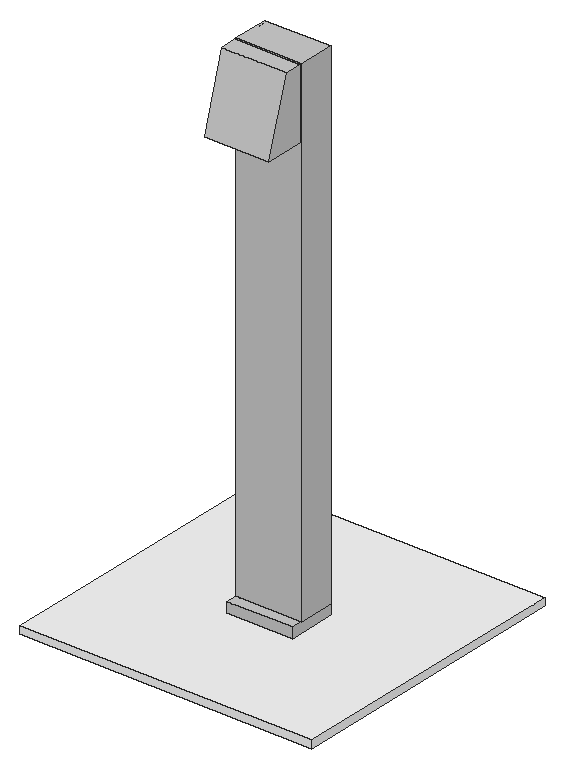
Revit family "BE_77238_de_DE", category Leuchten, Revit 2015
Parameters (values of type "BEGA_77238_Silber_K3")
  built-in parameter 1150104 = 12.387 (stored number, unit not read)
  Wattage = 2.1 W
  Default Elevation = 0 mm
  built-in parameter 1150113 = 1 (stored number, unit not read)
  built-in parameter 1114218 = 1 (stored number, unit not read)
  Umgebungstemperatur = ""
  URL = "http://www.bega.de/produkt/77238"
  Typenkommentare = "© 2016 BEGA. Wir behalten uns das Recht vor, technische Änderungen ohne vorherige Ankündigung vorzunehmen."  # constant formula
  Type Image = 77238.png
  built-in parameter 1150134 = (empty or 0)
  built-in parameter 1150109 = 1 (stored number, unit not read)
  Strom = ""
  built-in parameter 1150110 = 1 (stored number, unit not read)
  Spannung = 239.996 V
  Sonderanfertigung = no
  Seriennummer [instance] = "Hier können Sie die eindeutige Seriennummer für das Facility Management eintragen."
  Schutzklasse = "I"
  Schutzart = "IP 64"
  Scheinlast = 0 VA
  Produktdatenblatt = "http://www.bega.de/download/Xrfa/db/77238.db.de.pdf"
  Oberflächentemperatur = ""
  Neigungswinkel = 0.00°
  Modell = "77238A"
  Material_10 = BEGA_Glas_matt
  Material_08 = BEGA_Oberfläche_Stahl_verzinkt
  Material_06 = BEGA_Oberfläche_Edelstahl_gebürstet
  Material_03 = BEGA_Oberfläche_Weiss_matt
  Material_02 = BEGA_Oberfläche_Silber_matt
  Material_01 [instance] = BEGA_Oberfläche_Grafit_matt
  M_G = no
  M_A = yes
  Logo = 0
  built-in parameter 1114217 = 1 (stored number, unit not read)
  built-in parameter 1150139 = (empty or 0)
  built-in parameter 1150105 = 22.281 (stored number, unit not read)
  built-in parameter 1150114 = 1 (stored number, unit not read)
  Lumens = 279.993 lm
  built-in parameter 1150115 = 1 (stored number, unit not read)
  Leuchtenlichtstrom = "136 lm"
  Leuchtenanzahl = ""
  Lebensdauerkriterien = "L70 = 50.000 h"
  Lastklassifizierung = Beleuchtung
  built-in parameter 1150112 = 1 (stored number, unit not read)
  Lampenlichtstrom = "280 lm"
  Lampe = "LED 2.1 W"
  LED_Modulbezeichnung = "LED-0234/830"
  built-in parameter 1150142 = (empty or 0)
  Hersteller = "BEGA"  # constant formula
  Halbstreuwinkel = ""
  Gewicht = "2.3 kg"
  Gebrauchslageneinschränkung [instance] = ""
  Frequenz = "0/50-60 Hz"
  Farbwiedergabeindex = "Ra > 80"
  Farbtemperaturverschiebung bei Dämpfen der Lampe = <Keine Auswahl>
  Farbtemperatur = "3000 K"
  Color Filter = 16777215
  built-in parameter 1150133 = 10 (stored number, unit not read)
  Energieeffizienzklasse = "LED A++ - A"
  built-in parameter 1150137 = (empty or 0)
  built-in parameter 1150132 = (empty or 0)
  ENEC = "ja"
  Datei für fotometrisches Netz = "BE_77238.IES"
  CE_Konformität = "ja"
  Bestellnummer = "77238A"
  Beschreibung_Sonderanfertigung = "Hier können Sie Informationen zur Sonderanfertigung eintragen."
  Beschreibung = "Garten- und Wegeleuchte"
  built-in parameter 1150106 = 0.22281 (stored number, unit not read)
  Befestigungsbohrung = "Ø 5,5 mm"
  Befestigungsabstand = ""
  Ballwurfsicher = ""
  BEGA_Intern_aus = yes
  BEGA_Intern_an = yes
  BEGA_Intern_Konstruktion = yes
  BEGA_Intern = yes
  BEGA_IES = yes
  BEGA_Dummy = no
  Anschlussleitung = ""
  Anschlussleistung [instance] = "3.4 W"
  built-in parameter 1150107 = 3000 (stored number, unit not read)
  built-in parameter 1150102 = (empty or 0)
  built-in parameter 1150138 = (empty or 0)
  Aktualisierung = "2016-06-21T04:10:22"
  Abstand_zur_angestrahlten_Fläche [instance] = ""
  AC/DC = "AC/DC"
Types (2, lengths in mm): name | Modell | M_G | M_A | Bestellnummer
  BEGA_77238_Silber_K3 | "77238A" | no | yes | "77238A"
  BEGA_77238_Grafit_K3 | "77238" | yes | no | "77238"
Reference planes
  plane 1 "Mitte (Vorne/Hinten)": y = 0
  plane 2: z = 0
  plane 3 "Mitte (Links/Rechts)": x = 0
  plane 4 "Links": x = -45.237
  plane 5 "Rechts": x = 45.237
  plane 6 "Unten": y = -78.426
  plane 7 "Oben": y = 26.737
  plane 8 "Vorne": z = 700.372
Forms (mm)
  Extrusion 1, solid, material "BEGA_Platte_Weiss"
    sketch origin (0, -1119.2, 0) x (1, 0, 0) y (0, 1, 0)
      loop
        line (-200, 1319.2) -> (-200, 919.2) -> (200, 919.2) -> (200, 1319.2) -> (-200, 1319.2)
    from 0 to -10
  Extrusion 2, solid, material "BEGA_Dummy_matt", visible <- "BEGA_Dummy"
    sketch origin (80.095, -76.023, 0) x (1, 0, 0) y (0, 1, 0)
      loop
        line (-125.332, 102.76) -> (-125.332, -2.403) -> (-34.858, -2.403) -> (-34.858, 102.76) -> (-125.332, 102.76)
    from 0 to 700.372
Dimensions and locks
  plane 1 "Mitte (Vorne/Hinten)" to Extrusion 1 = 200 mm
  aligned and locked: plane 2 to Extrusion 1
  aligned and locked: level to Extrusion 1
Nested families
  nested 1: "BE_77238" at (0, 0, 0), type "BE_77238"
    with M_A yes
Connectors
  electrical at (0, 0, 0), driven by "Lastklassifizierung", driven by "Spannung", driven by "Scheinlast"
    settings: index 1, voltage 239.996 V, apparent load 0 VA, apparent load phase1 0 VA, apparent load phase2 0 VA, apparent load phase3 0 VA, power factor 1, load classification "Beleuchtung", number of poles 1, system type 31, power factor state 1, is connector primary yes, connector utility no, sub classification motor no, connector description ""
Definition of nested family "BE_77238"
  Parameters (values of type "BE_77238")
    Default Elevation = 1 mm
    URL = "http://www.bega.de/de/produkt"
    Type Comments = "© 2015 BEGA. Wir behalten uns das Recht vor, technische Änderungen ohne vorherige Ankündigung vorzunehmen. "  # constant formula
    Type Image = (empty or 0)
    Material_17 = none
    Material_15 = none
    Material_11 = none
    Material_10 = none
    Material_09 = none
    Material_08 = none
    Material_06 = none
    Material_03 = none
    Material_02 = none
    Material_01 = none
    M_W = yes
    M_G = no
    M_A = no
    Länge_Platte = 200 mm  # constant formula
    Höhe_Platte = -10 mm  # constant formula
    Manufacturer = "BEGA"  # constant formula
    Breite_Platte = 200 mm  # constant formula
  Reference planes
    plane 1 "Mitte (Oben/Unten)": y = 0
    plane 2: z = 0
    plane 3 "Mitte (Links/Rechts)": x = 0
    plane 4 "Links": x = -45.237
    plane 5 "Oben": y = 26.737
    plane 6 "Unten": y = -78.426
    plane 7: z = 700.372
    plane 8: x = 45.237
  Forms (mm)
    Extrusion 1, solid, detail levels medium
      sketch origin (0, 0, 0) x (1, 0, 0) y (0, 1, 0)
        loop
          line (-100, 100) -> (-100, -100) -> (100, -100) -> (100, 100) -> (-100, 100)
      from 0 to -10 <- "Höhe_Platte"
    Sweep 2, solid, material <- "Material_01", visible <- "M_G", detail levels medium+fine
      path origin (0, 1.503, 0) x (1, 0, 0) y (0, 1, 0)
        loop
          line (-45.003, 25) -> (-45.003, -25) -> (45, -25) -> (45, 25) -> (-45.003, 25)
      profile origin (-45.003, 1.503, 0) x (1, 0, 0) y (0, 0, 1)
        loop
          line (0.003, 13.572) -> (2.103, 13.572) -> (2.103, 698.572) -> (0.003, 698.572) -> (0.003, 13.572)
    Extrusion 3, solid, material <- "Material_01", visible <- "M_G", detail levels medium+fine
      sketch origin (0, 0, 0) x (1, 0, 0) y (0, 0, 1)
        loop
          line (-45, 700.372) -> (-45, 698.572) -> (45, 698.572) -> (45, 700.372) -> (-45, 700.372)
      from -26.5 to 23.493
    Sweep 4, solid, material <- "Material_01", visible <- "M_G", detail levels medium+fine
      path origin (0, 0, 0) x (1, 0, 0) y (0, 0, 1)
        loop
          line (44.997, 700.372) -> (-45, 700.372) -> (-45, 603.872) -> (44.997, 603.872) -> (44.997, 700.372)
      profile origin (-0.002, 0, 700.372) x (0, 0, -1) y (0, -1, 0)
        loop
          line (1.178, 23.493) -> (3.44, 23.493) -> (3.44, 25.5) -> (1.178, 25.5) -> (1.178, 23.493)
    Extrusion 5, solid, material <- "Material_01", visible <- "M_G", detail levels medium+fine
      sketch origin (0, 0, 0) x (0, 1, 0) y (0, 0, 1)
        loop
          line (-25.5, 700.372) -> (-48.124, 699.977) -> (-78.426, 603.872) -> (-25.5, 603.872) -> (-25.5, 700.372)
      from -45 to -42
    Extrusion 6, solid, material <- "Material_01", visible <- "M_G", detail levels medium+fine
      sketch origin (0, 0, 0) x (0, 1, 0) y (0, 0, -1)
        loop
          line (-25.5, -700.372) -> (-25.5, -603.872) -> (-78.426, -603.872) -> (-48.124, -699.977) -> (-25.5, -700.372)
      from -45 to -42
    Extrusion 7, solid, material <- "Material_01", visible <- "M_G", detail levels medium+fine
      sketch origin (0, 0, 0) x (0, 1, 0) y (0, 0, 1)
        loop
          line (-25.5, 700.372) -> (-48.124, 699.977) -> (-78.426, 603.872) -> (-25.5, 603.872) -> (-25.5, 611.978) -> (-72.725, 611.978) -> (-46.026, 696.655) -> (-25.5, 697.372) -> (-25.5, 700.372)
      from -42 to 42
    Revolve 8, solid, material <- "Material_08", detail levels medium+fine
      sketch origin (0, 0, 0) x (0, 1, 0) y (0, 0, 1)
        loop
          line (-19.1, 120) -> (-21.1, 120) -> (-21.1, 3.828) -> (-22.928, 2) -> (-35, 2) -> (-35, 0) -> (-19.1, 0) -> (-19.1, 120)
        axis (0, 120) -> (0, 0)
      angle from 0 to 360
    Extrusion 9, void
      sketch origin (0, 0, 0) x (1, 0, 0) y (0, 1, 0)
        loop
          arc (-4.279, 24.123) -> (0, 24.5) -> (4.279, 24.123) r 24.5
          line (4.279, 24.123) -> (48.539, 16.319) -> (48.539, 36.859) -> (-48.539, 36.859) -> (-48.539, 16.319) -> (-4.279, 24.123)
      from 2 to 0
    Sweep 10, solid, material <- "Material_01", visible <- "M_G", detail levels medium+fine
      path origin (0, 0, 0) x (1, 0, 0) y (0, 1, 0)
        loop
          line (-45, 26.5) -> (-45, -38.5) -> (44.997, -38.5) -> (44.997, 26.5) -> (-45, 26.5)
      profile origin (-45, -6, 0) x (1, 0, 0) y (0, 0, 1)
        loop
          line (0, 13.572) -> (-0.237, 0) -> (1.998, 0) -> (2.377, 10.872) -> (5.175, 10.872) -> (5.27, 13.572) -> (0, 13.572)
    Extrusion 11, solid, material <- "Material_01", visible <- "M_G", detail levels medium+fine
      sketch origin (0, 0, 0) x (0, 1, 0) y (0, 0, 1)
        loop
          line (-33.666, 13.572) -> (-33.666, 10.872) -> (-22.5, 10.872) -> (-22.5, 13.572) -> (-33.666, 13.572)
      from 41.556 to -41.56
    Revolve 12, solid, material <- "Material_06", detail levels fine
      sketch origin (-29.5, 0, 0) x (0, 1, 0) y (0, 0, 1)
        loop
          line (-30.091, 603.372) -> (-30.091, 604.5) -> (-33.291, 604.5) -> (-33.291, 602.572) -> (-31.291, 602.572) -> (-31.291, 603.372) -> (-30.091, 603.372)
        axis (-33.291, 604.5) -> (-33.291, 602.572)
      angle from 0 to 360
    Revolve 13, solid, material <- "Material_06", detail levels fine
      sketch origin (29.5, 0, 0) x (0, 1, 0) y (0, 0, -1)
        loop
          line (-30.091, -603.372) -> (-31.291, -603.372) -> (-31.291, -602.572) -> (-33.291, -602.572) -> (-33.291, -604.5) -> (-30.091, -604.5) -> (-30.091, -603.372)
        axis (-33.291, -604.5) -> (-33.291, -602.572)
      angle from 0 to 360
    Revolve 14, solid, material <- "Material_06", detail levels fine
      sketch origin (0, 0, 0) x (0, 1, 0) y (0, 0, 1)
        loop
          line (26.651, 101.572) -> (24.68, 101.572) -> (24.68, 98.572) -> (26.651, 98.572) -> (26.651, 101.572)
        axis (26.651, 98.572) -> (24.68, 98.572)
      angle from 0 to 360
    Revolve 15, solid, material <- "Material_06", detail levels fine
      sketch origin (0, 0, -50) x (0, 1, 0) y (0, 0, 1)
        loop
          line (26.651, 101.572) -> (24.68, 101.572) -> (24.68, 98.572) -> (26.651, 98.572) -> (26.651, 101.572)
        axis (26.651, 98.572) -> (24.68, 98.572)
      angle from 0 to 360
    Blend 16, void
      base sketch origin (0, 0, 0) x (1, 0, 0) y (0, 1, 0)
        loop
          line (-37.833, -75.164) -> (37.833, -75.164) -> (37.833, -39.425) -> (-37.833, -39.425) -> (-37.833, -75.164)
      top sketch origin (0, 0, 0) x (1, 0, 0) y (0, 1, 0)
        loop
          line (-36.242, -40.664) -> (-36.242, -74.225) -> (36.242, -74.225) -> (36.242, -40.664) -> (-36.242, -40.664)
      from 603.372 to 612.252
    Extrusion 17, solid, material <- "Material_10", detail levels medium+fine
      sketch origin (0, 0, 0) x (0, 1, 0) y (0, 0, 1)
        loop
          line (-40.4, 604.372) -> (-40.4, 608.372) -> (-74.2, 608.372) -> (-74.2, 604.372) -> (-40.4, 604.372)
      from 36.764 to -36.798
    Sweep 18, solid, material <- "Material_02", visible <- "M_A", detail levels medium+fine
      path origin (0, 0, 0) x (1, 0, 0) y (0, 1, 0)
        loop
          line (-45, 26.5) -> (-45, -38.5) -> (44.997, -38.5) -> (44.997, 26.5) -> (-45, 26.5)
      profile origin (-45, -6, 0) x (1, 0, 0) y (0, 0, 1)
        loop
          line (0, 13.572) -> (-0.237, 0) -> (1.998, 0) -> (2.377, 10.872) -> (5.175, 10.872) -> (5.27, 13.572) -> (0, 13.572)
    Extrusion 19, solid, material <- "Material_02", visible <- "M_A", detail levels medium+fine
      sketch origin (0, 0, 0) x (0, 1, 0) y (0, 0, 1)
        loop
          line (-33.666, 13.572) -> (-33.666, 10.872) -> (-22.5, 10.872) -> (-22.5, 13.572) -> (-33.666, 13.572)
      from 41.556 to -41.56
    Sweep 20, solid, material <- "Material_02", visible <- "M_A", detail levels medium+fine
      path origin (0, 1.503, 0) x (1, 0, 0) y (0, 1, 0)
        loop
          line (-45.003, 25) -> (-45.003, -25) -> (45, -25) -> (45, 25) -> (-45.003, 25)
      profile origin (-45.003, 1.503, 0) x (1, 0, 0) y (0, 0, 1)
        loop
          line (0.003, 13.572) -> (2.103, 13.572) -> (2.103, 698.572) -> (0.003, 698.572) -> (0.003, 13.572)
    Extrusion 21, solid, material <- "Material_02", visible <- "M_A", detail levels medium+fine
      sketch origin (0, 0, 0) x (1, 0, 0) y (0, 0, 1)
        loop
          line (-45, 700.372) -> (-45, 698.572) -> (45, 698.572) -> (45, 700.372) -> (-45, 700.372)
      from -26.5 to 23.493
    Sweep 22, solid, material <- "Material_02", visible <- "M_A", detail levels medium+fine
      path origin (0, 0, 0) x (1, 0, 0) y (0, 0, 1)
        loop
          line (44.997, 700.372) -> (-45, 700.372) -> (-45, 603.872) -> (44.997, 603.872) -> (44.997, 700.372)
      profile origin (-0.002, 0, 700.372) x (0, 0, -1) y (0, -1, 0)
        loop
          line (1.178, 23.493) -> (3.44, 23.493) -> (3.44, 25.5) -> (1.178, 25.5) -> (1.178, 23.493)
    Extrusion 23, solid, material <- "Material_02", visible <- "M_A", detail levels medium+fine
      sketch origin (0, 0, 0) x (0, 1, 0) y (0, 0, 1)
        loop
          line (-25.5, 700.372) -> (-48.124, 699.977) -> (-78.426, 603.872) -> (-25.5, 603.872) -> (-25.5, 700.372)
      from -45 to -42
    Extrusion 24, solid, material <- "Material_02", visible <- "M_A", detail levels medium+fine
      sketch origin (0, 0, 0) x (0, 1, 0) y (0, 0, -1)
        loop
          line (-25.5, -700.372) -> (-25.5, -603.872) -> (-78.426, -603.872) -> (-48.124, -699.977) -> (-25.5, -700.372)
      from -45 to -42
    Extrusion 25, solid, material <- "Material_02", visible <- "M_A", detail levels medium+fine
      sketch origin (0, 0, 0) x (0, 1, 0) y (0, 0, 1)
        loop
          line (-25.5, 700.372) -> (-48.124, 699.977) -> (-78.426, 603.872) -> (-25.5, 603.872) -> (-25.5, 611.978) -> (-72.725, 611.978) -> (-46.026, 696.655) -> (-25.5, 697.372) -> (-25.5, 700.372)
      from -42 to 42
    Extrusion 26, void
      sketch origin (0, 0, 0) x (1, 0, 0) y (0, 1, 0)
        loop
          circle (-25.981, 15) r 2.75
        loop
          circle (25.981, 15) r 2.75
        loop
          circle (0, -30) r 2.75
      from 0 to 2.443
    Extrusion 27, void
      sketch origin (0, 0, 0) x (1, 0, 0) y (0, 1, 0)
        loop
          line (-45, -25.5) -> (-45, -79.522) -> (-44.083, -79.522) -> (-45, -25.5)
      from 703.372 to 598.784
    Extrusion 28, void
      sketch origin (0, 0, 0) x (-1, 0, 0) y (0, -1, 0)
        loop
          line (-45, 25.5) -> (-44.083, 79.522) -> (-45, 79.522) -> (-45, 25.5)
      from 703.372 to 598.784
  Cuts and joins
    joined: Sweep 2, Extrusion 3
    Extrusion 28 cuts Sweep 4
    Extrusion 27, Extrusion 28 cuts Extrusion 5
    Extrusion 28 cuts Extrusion 6
    Blend 16, Extrusion 28 cuts Extrusion 7
    joined: Sweep 4, Extrusion 5, Extrusion 6, Extrusion 7
    Extrusion 9, Extrusion 26 cuts Revolve 8
    Extrusion 27 cuts Sweep 10
    Extrusion 27 cuts Extrusion 11
    joined: Sweep 10, Extrusion 11
    Extrusion 27 cuts Sweep 18
    Extrusion 27 cuts Extrusion 19
    joined: Sweep 18, Extrusion 19
    joined: Sweep 20, Extrusion 21
    Extrusion 28 cuts Sweep 22
    Extrusion 27, Extrusion 28 cuts Extrusion 23
    Extrusion 28 cuts Extrusion 24
    Blend 16, Extrusion 28 cuts Extrusion 25
    joined: Sweep 22, Extrusion 23, Extrusion 24, Extrusion 25
  Dimensions and locks
    equal spacing: Extrusion 1 sketch curve, plane 3 "Mitte (Links/Rechts)", Extrusion 1 sketch curve
    equal spacing: Extrusion 1 sketch curve, plane 1 "Mitte (Oben/Unten)", Extrusion 1 sketch curve
    "Länge_Platte": Extrusion 1 sketch curve to Extrusion 1 sketch curve
    "Breite_Platte": Extrusion 1 sketch curve to Extrusion 1 sketch curve
    aligned and locked: Extrusion 1 to plane 2
    aligned and locked: level to Extrusion 1
  Automatic sketch dimensions
    plane 4 "Links" to Sweep 2 sketch curve = 0.234 mm
    plane 8 to Sweep 2 sketch curve = 0.237 mm
    plane 1 "Mitte (Oben/Unten)" to Sweep 2 sketch curve = 23.497 mm
    Sweep 2 sketch curve to plane 5 "Oben" = 0.234 mm
    Sweep 2 sketch curve to profile plane = 0.003 mm
    Sweep 2 sketch curve to Sweep 2 sketch curve = 2.1 mm
    level to Sweep 2 sketch curve = 13.572 mm
    Sweep 2 sketch curve to Sweep 2 sketch curve = 685 mm
    Extrusion 3 sketch curve to plane 7 = 0 mm
    plane 4 "Links" to Extrusion 3 sketch curve = 0.237 mm
    plane 8 to Extrusion 3 sketch curve = 0.237 mm
    plane 7 to Extrusion 3 sketch curve = 1.8 mm
    Sweep 4 sketch curve to plane 7 = 0 mm
    plane 4 "Links" to Sweep 4 sketch curve = 0.237 mm
    plane 8 to Sweep 4 sketch curve = 0.24 mm
    plane 7 to Sweep 4 sketch curve = 96.5 mm
    Sweep 4 sketch curve to profile plane = 1.178 mm
    Sweep 4 sketch curve to Sweep 4 sketch curve = 2.262 mm
    plane 1 "Mitte (Oben/Unten)" to Sweep 4 sketch curve = 23.493 mm
    Sweep 4 sketch curve to Sweep 4 sketch curve = 2.007 mm
    Extrusion 5 sketch curve to plane 6 "Unten" = 0 mm
    plane 7 to Extrusion 5 sketch curve = 0 mm
    plane 7 to Extrusion 5 sketch curve = 0.395 mm
    plane 6 "Unten" to Extrusion 5 sketch curve = 30.302 mm
    Extrusion 5 sketch curve to Extrusion 5 sketch curve = 22.624 mm
    plane 7 to Extrusion 5 sketch curve = 96.5 mm
    Extrusion 6 sketch curve to plane 6 "Unten" = 0 mm
    plane 7 to Extrusion 6 sketch curve = 0 mm
    plane 7 to Extrusion 6 sketch curve = 0.395 mm
    plane 6 "Unten" to Extrusion 6 sketch curve = 30.302 mm
    Extrusion 6 sketch curve to Extrusion 6 sketch curve = 22.624 mm
    plane 7 to Extrusion 6 sketch curve = 96.5 mm
    Extrusion 7 sketch curve to plane 6 "Unten" = 0 mm
    plane 7 to Extrusion 7 sketch curve = 0 mm
    plane 6 "Unten" to Extrusion 7 sketch curve = 5.701 mm
    plane 7 to Extrusion 7 sketch curve = 0.395 mm
    plane 6 "Unten" to Extrusion 7 sketch curve = 30.302 mm
    plane 7 to Extrusion 7 sketch curve = 3.717 mm
    Extrusion 7 sketch curve to Extrusion 7 sketch curve = 2.098 mm
    Extrusion 7 sketch curve to Extrusion 7 sketch curve = 20.526 mm
    plane 1 "Mitte (Oben/Unten)" to Extrusion 7 sketch curve = 25.5 mm
    Extrusion 7 sketch curve to Extrusion 7 sketch curve = 84.677 mm
    Extrusion 7 sketch curve to Extrusion 7 sketch curve = 8.106 mm
    plane 7 to Extrusion 7 sketch curve = 3 mm
    Revolve 8 sketch curve to level = 0 mm
    Revolve 8 sketch curve to plane 1 "Mitte (Oben/Unten)" = 0 mm
    plane 1 "Mitte (Oben/Unten)" to Revolve 8 sketch curve = 19.1 mm
    Revolve 8 sketch curve to Revolve 8 sketch curve = 2 mm
    Revolve 8 sketch curve to Revolve 8 sketch curve = 1.828 mm  (x2)
    level to Revolve 8 sketch curve = 2 mm
    Revolve 8 sketch curve to Revolve 8 sketch curve = 12.072 mm
    Revolve 8 sketch curve to Revolve 8 sketch curve = 116.172 mm
    Revolve 8 sketch curve to Revolve 8 sketch curve = 52.68 mm
    Revolve 8 sketch curve to Revolve 8 sketch curve = 17.68 mm
    plane 1 "Mitte (Oben/Unten)" to Extrusion 9 sketch curve = 0 mm
    Extrusion 9 sketch curve to plane 3 "Mitte (Links/Rechts)" = 0 mm
    Extrusion 9 sketch curve to plane 3 "Mitte (Links/Rechts)" = 4.279 mm
    Extrusion 9 sketch curve to plane 4 "Links" = 3.302 mm
    plane 3 "Mitte (Links/Rechts)" to Extrusion 9 sketch curve = 4.279 mm
    Extrusion 9 sketch curve to plane 8 = 3.302 mm
    Extrusion 9 sketch curve to plane 5 "Oben" = 10.418 mm  (x2)
    Extrusion 9 sketch curve to plane 5 "Oben" = 2.614 mm
    plane 5 "Oben" to Extrusion 9 sketch curve = 10.122 mm
    plane 4 "Links" to Sweep 10 sketch curve = 0.237 mm
    plane 8 to Sweep 10 sketch curve = 0.24 mm
    plane 1 "Mitte (Oben/Unten)" to Sweep 10 sketch curve = 38.5 mm
    Sweep 10 sketch curve to plane 5 "Oben" = 0.237 mm
    Sweep 10 sketch curve to profile plane = 0 mm  (x2)
    profile plane to Sweep 10 sketch curve = 0.237 mm
    Sweep 10 sketch curve to profile plane = 1.998 mm
    Sweep 10 sketch curve to profile plane = 2.377 mm
    Sweep 10 sketch curve to Sweep 10 sketch curve = 2.798 mm
    Sweep 10 sketch curve to Sweep 10 sketch curve = 0.094 mm
    profile plane to Sweep 10 sketch curve = 10.872 mm
    Sweep 10 sketch curve to Sweep 10 sketch curve = 2.7 mm
    level to Extrusion 11 sketch curve = 10.872 mm
    plane 1 "Mitte (Oben/Unten)" to Extrusion 11 sketch curve = 33.666 mm
    Extrusion 11 sketch curve to Extrusion 11 sketch curve = 11.166 mm
    Extrusion 11 sketch curve to Extrusion 11 sketch curve = 2.7 mm
    plane 1 "Mitte (Oben/Unten)" to Revolve 12 sketch curve = 33.291 mm
    Revolve 12 sketch curve to Revolve 12 sketch curve = 2 mm
    Revolve 12 sketch curve to Revolve 12 sketch curve = 1.2 mm
    plane 7 to Revolve 12 sketch curve = 97.8 mm
    Revolve 12 sketch curve to Revolve 12 sketch curve = 0.8 mm
    Revolve 12 sketch curve to Revolve 12 sketch curve = 1.128 mm
    Revolve 12 sketch curve to Revolve 12 sketch curve = 0 mm  (x3)
    plane 1 "Mitte (Oben/Unten)" to Revolve 13 sketch curve = 33.291 mm
    Revolve 13 sketch curve to Revolve 13 sketch curve = 2 mm
    Revolve 13 sketch curve to Revolve 13 sketch curve = 1.2 mm
    plane 7 to Revolve 13 sketch curve = 95.872 mm
    Revolve 13 sketch curve to Revolve 13 sketch curve = 1.128 mm
    Revolve 13 sketch curve to Revolve 13 sketch curve = 0.8 mm
    Revolve 13 sketch curve to Revolve 13 sketch curve = 0 mm  (x3)
    Revolve 14 sketch curve to plane 5 "Oben" = 2.057 mm
    Revolve 14 sketch curve to plane 5 "Oben" = 0.086 mm
    level to Revolve 14 sketch curve = 98.572 mm
    Revolve 14 sketch curve to Revolve 14 sketch curve = 3 mm
    Revolve 14 sketch curve to Revolve 14 sketch curve = 0 mm  (x3)
    Revolve 15 sketch curve to plane 5 "Oben" = 2.057 mm
    Revolve 15 sketch curve to plane 5 "Oben" = 0.086 mm
    level to Revolve 15 sketch curve = 48.572 mm
    Revolve 15 sketch curve to Revolve 15 sketch curve = 3 mm
    Revolve 15 sketch curve to Revolve 15 sketch curve = 0 mm  (x3)
    plane 6 "Unten" to Blend 16 sketch curve = 3.263 mm
    plane 4 "Links" to Blend 16 sketch curve = 7.404 mm
    plane 8 to Blend 16 sketch curve = 7.404 mm
    Blend 16 sketch curve to Blend 16 sketch curve = 35.739 mm
    plane 4 "Links" to Blend 16 sketch curve = 8.995 mm
    plane 6 "Unten" to Blend 16 sketch curve = 4.201 mm
    plane 8 to Blend 16 sketch curve = 8.995 mm
    Blend 16 sketch curve to Blend 16 sketch curve = 33.561 mm
    plane 6 "Unten" to Extrusion 17 sketch curve = 4.227 mm
    Extrusion 17 sketch curve to Extrusion 17 sketch curve = 33.8 mm
    plane 7 to Extrusion 17 sketch curve = 96 mm
    Extrusion 17 sketch curve to Extrusion 17 sketch curve = 4 mm
    plane 4 "Links" to Sweep 18 sketch curve = 0.237 mm
    plane 8 to Sweep 18 sketch curve = 0.24 mm
    plane 1 "Mitte (Oben/Unten)" to Sweep 18 sketch curve = 38.5 mm
    Sweep 18 sketch curve to plane 5 "Oben" = 0.237 mm
    Sweep 18 sketch curve to profile plane = 0 mm  (x2)
    profile plane to Sweep 18 sketch curve = 0.237 mm
    Sweep 18 sketch curve to profile plane = 1.998 mm
    Sweep 18 sketch curve to profile plane = 2.377 mm
    Sweep 18 sketch curve to Sweep 18 sketch curve = 2.798 mm
    Sweep 18 sketch curve to Sweep 18 sketch curve = 0.094 mm
    profile plane to Sweep 18 sketch curve = 10.872 mm
    Sweep 18 sketch curve to Sweep 18 sketch curve = 2.7 mm
    level to Extrusion 19 sketch curve = 10.872 mm
    plane 1 "Mitte (Oben/Unten)" to Extrusion 19 sketch curve = 33.666 mm
    Extrusion 19 sketch curve to Extrusion 19 sketch curve = 11.166 mm
    Extrusion 19 sketch curve to Extrusion 19 sketch curve = 2.7 mm
    plane 4 "Links" to Sweep 20 sketch curve = 0.234 mm
    plane 8 to Sweep 20 sketch curve = 0.237 mm
    plane 1 "Mitte (Oben/Unten)" to Sweep 20 sketch curve = 23.497 mm
    Sweep 20 sketch curve to plane 5 "Oben" = 0.234 mm
    Sweep 20 sketch curve to profile plane = 0.003 mm
    Sweep 20 sketch curve to Sweep 20 sketch curve = 2.1 mm
    level to Sweep 20 sketch curve = 13.572 mm
    Sweep 20 sketch curve to Sweep 20 sketch curve = 685 mm
    Extrusion 21 sketch curve to plane 7 = 0 mm
    plane 4 "Links" to Extrusion 21 sketch curve = 0.237 mm
    plane 8 to Extrusion 21 sketch curve = 0.237 mm
    plane 7 to Extrusion 21 sketch curve = 1.8 mm
    Sweep 22 sketch curve to plane 7 = 0 mm
    plane 4 "Links" to Sweep 22 sketch curve = 0.237 mm
    plane 8 to Sweep 22 sketch curve = 0.24 mm
    plane 7 to Sweep 22 sketch curve = 96.5 mm
    Sweep 22 sketch curve to profile plane = 1.178 mm
    Sweep 22 sketch curve to Sweep 22 sketch curve = 2.262 mm
    plane 1 "Mitte (Oben/Unten)" to Sweep 22 sketch curve = 23.493 mm
    Sweep 22 sketch curve to Sweep 22 sketch curve = 2.007 mm
    Extrusion 23 sketch curve to plane 6 "Unten" = 0 mm
    plane 7 to Extrusion 23 sketch curve = 0 mm
    plane 7 to Extrusion 23 sketch curve = 0.395 mm
    plane 6 "Unten" to Extrusion 23 sketch curve = 30.302 mm
    Extrusion 23 sketch curve to Extrusion 23 sketch curve = 22.624 mm
    plane 7 to Extrusion 23 sketch curve = 96.5 mm
    Extrusion 24 sketch curve to plane 6 "Unten" = 0 mm
    plane 7 to Extrusion 24 sketch curve = 0 mm
    plane 7 to Extrusion 24 sketch curve = 0.395 mm
    plane 6 "Unten" to Extrusion 24 sketch curve = 30.302 mm
    Extrusion 24 sketch curve to Extrusion 24 sketch curve = 22.624 mm
    plane 7 to Extrusion 24 sketch curve = 96.5 mm
    Extrusion 25 sketch curve to plane 6 "Unten" = 0 mm
    plane 7 to Extrusion 25 sketch curve = 0 mm
    plane 6 "Unten" to Extrusion 25 sketch curve = 5.701 mm
    plane 7 to Extrusion 25 sketch curve = 0.395 mm
    plane 6 "Unten" to Extrusion 25 sketch curve = 30.302 mm
    plane 7 to Extrusion 25 sketch curve = 3.717 mm
    Extrusion 25 sketch curve to Extrusion 25 sketch curve = 2.098 mm
    Extrusion 25 sketch curve to Extrusion 25 sketch curve = 20.526 mm
    plane 1 "Mitte (Oben/Unten)" to Extrusion 25 sketch curve = 25.5 mm
    Extrusion 25 sketch curve to Extrusion 25 sketch curve = 84.677 mm
    Extrusion 25 sketch curve to Extrusion 25 sketch curve = 8.106 mm
    plane 7 to Extrusion 25 sketch curve = 3 mm
    plane 4 "Links" to Extrusion 27 sketch curve = 0.237 mm
    Extrusion 27 sketch curve to Extrusion 27 sketch curve = 0.917 mm
    Extrusion 27 sketch curve to plane 6 "Unten" = 1.096 mm
    plane 1 "Mitte (Oben/Unten)" to Extrusion 27 sketch curve = 25.5 mm
    plane 8 to Extrusion 28 sketch curve = 0.237 mm
    Extrusion 28 sketch curve to Extrusion 28 sketch curve = 0.917 mm
    plane 1 "Mitte (Oben/Unten)" to Extrusion 28 sketch curve = 25.5 mm
    Extrusion 28 sketch curve to plane 6 "Unten" = 1.096 mm
